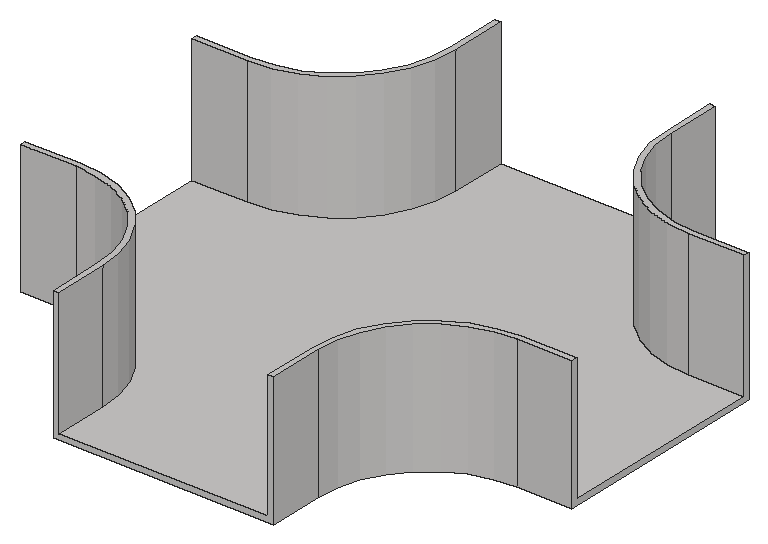
Revit family "S4R_OBO BETTERMANN_CableTray_DoubleTee_RK FS", category Cable Tray Fittings, Revit 2012
Parameters
  Wholesaler = ""
  Watermarked By = "www.stabiplan.com"
  WIDTH3 [instance] = 100 mm
  WIDTH1 [instance] = 100 mm
  VERSION = "91900"  # constant formula
  URL = "www.stabiplan.com"
  built-in parameter 1140111 [instance] = 2.6 mm
  TYPE [instance] = "RK FS"  # constant formula
  StabiCAD_PM = ""
  Smallest_L3_L4 [instance] = if(LENGTH3 - WIDTH1 / 2 > LENGTH4 - WIDTH1 / 2, LENGTH3 - WIDTH1 / 2, LENGTH4 - WIDTH1 / 2)  # 75 mm
  Smallest_L1_L2 [instance] = if(LENGTH1 - WIDTH3 / 2 > LENGTH2 - WIDTH3 / 2, LENGTH2 - WIDTH3 / 2, LENGTH1 - WIDTH3 / 2)  # 75 mm
  SmallestLength [instance] = if(Smallest_L1_L2 > Smallest_L3_L4, Smallest_L3_L4, Smallest_L1_L2)  # 75 mm
  RadiusWithThickness [instance] = Radius + [built-in parameter 1140111]  # 52.6 mm
  Radius Label [instance] = 490 mm
  Radius [instance] = if(WIDTH1 < 400 mm, 50 mm, 150 mm)  # 50 mm
  PRODUCTLINE [instance] = "OBO BETTERMANN CableTrays"  # constant formula
  Manufacturer = "OBO BETTERMANN"  # constant formula
  LENGTH4 [instance] = if(and(WIDTH1 = 100 mm, HEIGHT1 = 60 mm, WIDTH3 = 100 mm, ANGLE2 = 90.00°), 125 mm, if(and(WIDTH1 = 150 mm, HEIGHT1 = 60 mm, WIDTH3 = 150 mm, ANGLE2 = 90.00°), 150 mm, if(and(WIDTH1 = 200 mm, HEIGHT1 = 60 mm, WIDTH3 = 200 mm, ANGLE2 = 90.00°), 175 mm, if(and(WIDTH1 = 300 mm, HEIGHT1 = 60 mm, WIDTH3 = 300 mm, ANGLE2 = 90.00°), 225 mm, if(and(WIDTH1 = 400 mm, HEIGHT1 = 60 mm, WIDTH3 = 400 mm, ANGLE2 = 90.00°), 455 mm, if(and(WIDTH1 = 500 mm, HEIGHT1 = 60 mm, WIDTH3 = 500 mm, ANGLE2 = 90.00°), 505 mm, if(and(WIDTH1 = 600 mm, HEIGHT1 = 60 mm, WIDTH3 = 600 mm, ANGLE2 = 90.00°), 605 mm, WIDTH1 * 2)))))))  # 125 mm
  LENGTH3 [instance] = if(and(WIDTH1 = 100 mm, HEIGHT1 = 60 mm, WIDTH3 = 100 mm, ANGLE2 = 90.00°), 125 mm, if(and(WIDTH1 = 150 mm, HEIGHT1 = 60 mm, WIDTH3 = 150 mm, ANGLE2 = 90.00°), 150 mm, if(and(WIDTH1 = 200 mm, HEIGHT1 = 60 mm, WIDTH3 = 200 mm, ANGLE2 = 90.00°), 175 mm, if(and(WIDTH1 = 300 mm, HEIGHT1 = 60 mm, WIDTH3 = 300 mm, ANGLE2 = 90.00°), 225 mm, if(and(WIDTH1 = 400 mm, HEIGHT1 = 60 mm, WIDTH3 = 400 mm, ANGLE2 = 90.00°), 455 mm, if(and(WIDTH1 = 500 mm, HEIGHT1 = 60 mm, WIDTH3 = 500 mm, ANGLE2 = 90.00°), 505 mm, if(and(WIDTH1 = 600 mm, HEIGHT1 = 60 mm, WIDTH3 = 600 mm, ANGLE2 = 90.00°), 605 mm, WIDTH1 * 2)))))))  # 125 mm
  LENGTH2 [instance] = if(and(WIDTH1 = 100 mm, HEIGHT1 = 60 mm, WIDTH3 = 100 mm, ANGLE2 = 90.00°), 125 mm, if(and(WIDTH1 = 150 mm, HEIGHT1 = 60 mm, WIDTH3 = 150 mm, ANGLE2 = 90.00°), 150 mm, if(and(WIDTH1 = 200 mm, HEIGHT1 = 60 mm, WIDTH3 = 200 mm, ANGLE2 = 90.00°), 175 mm, if(and(WIDTH1 = 300 mm, HEIGHT1 = 60 mm, WIDTH3 = 300 mm, ANGLE2 = 90.00°), 225 mm, if(and(WIDTH1 = 400 mm, HEIGHT1 = 60 mm, WIDTH3 = 400 mm, ANGLE2 = 90.00°), 455 mm, if(and(WIDTH1 = 500 mm, HEIGHT1 = 60 mm, WIDTH3 = 500 mm, ANGLE2 = 90.00°), 505 mm, if(and(WIDTH1 = 600 mm, HEIGHT1 = 60 mm, WIDTH3 = 600 mm, ANGLE2 = 90.00°), 605 mm, WIDTH1 * 2)))))))  # 125 mm
  LENGTH1 [instance] = if(and(WIDTH1 = 100 mm, HEIGHT1 = 60 mm, WIDTH3 = 100 mm, ANGLE2 = 90.00°), 125 mm, if(and(WIDTH1 = 150 mm, HEIGHT1 = 60 mm, WIDTH3 = 150 mm, ANGLE2 = 90.00°), 150 mm, if(and(WIDTH1 = 200 mm, HEIGHT1 = 60 mm, WIDTH3 = 200 mm, ANGLE2 = 90.00°), 175 mm, if(and(WIDTH1 = 300 mm, HEIGHT1 = 60 mm, WIDTH3 = 300 mm, ANGLE2 = 90.00°), 225 mm, if(and(WIDTH1 = 400 mm, HEIGHT1 = 60 mm, WIDTH3 = 400 mm, ANGLE2 = 90.00°), 455 mm, if(and(WIDTH1 = 500 mm, HEIGHT1 = 60 mm, WIDTH3 = 500 mm, ANGLE2 = 90.00°), 505 mm, if(and(WIDTH1 = 600 mm, HEIGHT1 = 60 mm, WIDTH3 = 600 mm, ANGLE2 = 90.00°), 605 mm, WIDTH1 * 2)))))))  # 125 mm
  Internal art.no. = ""
  ISCUSTOM [instance] = if(and(WIDTH1 = 100 mm, HEIGHT1 = 60 mm, WIDTH3 = 100 mm, ANGLE2 = 90.00°), 1 = 0, if(and(WIDTH1 = 150 mm, HEIGHT1 = 60 mm, WIDTH3 = 150 mm, ANGLE2 = 90.00°), 1 = 0, if(and(WIDTH1 = 200 mm, HEIGHT1 = 60 mm, WIDTH3 = 200 mm, ANGLE2 = 90.00°), 1 = 0, if(and(WIDTH1 = 300 mm, HEIGHT1 = 60 mm, WIDTH3 = 300 mm, ANGLE2 = 90.00°), 1 = 0, if(and(WIDTH1 = 400 mm, HEIGHT1 = 60 mm, WIDTH3 = 400 mm, ANGLE2 = 90.00°), 1 = 0, if(and(WIDTH1 = 500 mm, HEIGHT1 = 60 mm, WIDTH3 = 500 mm, ANGLE2 = 90.00°), 1 = 0, if(and(WIDTH1 = 600 mm, HEIGHT1 = 60 mm, WIDTH3 = 600 mm, ANGLE2 = 90.00°), 1 = 0, 1 = 1)))))))  # no
  IFCExportType = ""
  IFCExportAs = ""
  HEIGHT1 [instance] = 60 mm
  GTINNUMBER [instance] = if(and(WIDTH1 = 100 mm, HEIGHT1 = 60 mm, WIDTH3 = 100 mm, ANGLE2 = 90.00°), "4012196051670", if(and(WIDTH1 = 150 mm, HEIGHT1 = 60 mm, WIDTH3 = 150 mm, ANGLE2 = 90.00°), "4012196051618", if(and(WIDTH1 = 200 mm, HEIGHT1 = 60 mm, WIDTH3 = 200 mm, ANGLE2 = 90.00°), "4012196051731", if(and(WIDTH1 = 300 mm, HEIGHT1 = 60 mm, WIDTH3 = 300 mm, ANGLE2 = 90.00°), "4012196051793", if(and(WIDTH1 = 400 mm, HEIGHT1 = 60 mm, WIDTH3 = 400 mm, ANGLE2 = 90.00°), "4012196215416", if(and(WIDTH1 = 500 mm, HEIGHT1 = 60 mm, WIDTH3 = 500 mm, ANGLE2 = 90.00°), "4012196215478", if(and(WIDTH1 = 600 mm, HEIGHT1 = 60 mm, WIDTH3 = 600 mm, ANGLE2 = 90.00°), "4012196215539", "Unknown")))))))  # "4012196051670"
  ETIM article class = ""
  Description = "Horizontal CableTray Double Tee"
  DEEPLINK = "http://catalog2.obo-bettermann.com/catalogue/catalogue.do?forward=showProductGroup&act=showIO&favOid=kts_6410&action=showManyProducts&lang=en&OID=kts_6410&catId="
  Copyright = "© Stabiplan BV / Stabiplan International BV"  # constant formula
  CT4 [instance] = 1
  CT3 [instance] = 1
  CT2 [instance] = 1
  CT1 [instance] = 1
  BodyColor = Steel
  Assembly Code = ""
  ARTICLENUMBER [instance] = if(and(WIDTH1 = 100 mm, HEIGHT1 = 60 mm, WIDTH3 = 100 mm, ANGLE2 = 90.00°), "6043615", if(and(WIDTH1 = 150 mm, HEIGHT1 = 60 mm, WIDTH3 = 150 mm, ANGLE2 = 90.00°), "6043607", if(and(WIDTH1 = 200 mm, HEIGHT1 = 60 mm, WIDTH3 = 200 mm, ANGLE2 = 90.00°), "6043623", if(and(WIDTH1 = 300 mm, HEIGHT1 = 60 mm, WIDTH3 = 300 mm, ANGLE2 = 90.00°), "6043631", if(and(WIDTH1 = 400 mm, HEIGHT1 = 60 mm, WIDTH3 = 400 mm, ANGLE2 = 90.00°), "7004397", if(and(WIDTH1 = 500 mm, HEIGHT1 = 60 mm, WIDTH3 = 500 mm, ANGLE2 = 90.00°), "7004419", if(and(WIDTH1 = 600 mm, HEIGHT1 = 60 mm, WIDTH3 = 600 mm, ANGLE2 = 90.00°), "7004435", "Unknown")))))))  # "6043615"
  ARTICLEDESCRIPTION [instance] = "Horizontal CableTray Double Tee"
  ANGLE2 [instance] = 90.00°  # constant formula
Reference planes
  plane 1 "Center (Front/Back)": y = 0
  plane 2: z = 0
  plane 3 "Center (Left/Right)": x = 0
  plane 4: y = 50
  plane 5: y = -50
  plane 6: z = 30
  plane 7: z = -30
  plane 8: y = -100
  plane 9: x = -50
  plane 10: x = 50
  plane 11: x = -100
  plane 12: x = 100
  plane 13: y = -47.4
  plane 14: y = 47.4
  plane 15: y = -125
  plane 16: x = -47.4
  plane 17: x = 47.4
  plane 18: x = -125
  plane 19: x = 125
  plane 20: z = -27.4
  plane 21: y = 100
  plane 22: y = 125
Forms (mm)
  Extrusion 1, solid, material "Steel" <- "BodyColor", detail levels fine
    sketch origin (0, 0, 0) x (1, 0, 0) y (0, 1, 0)
      loop
        arc (-100, -50) -> (-64.645, -64.645) -> (-50, -100) r 50
        line (-50, -100) -> (-50, -125) -> (-47.4, -125) -> (-47.4, -100)
        arc (-47.4, -100) -> (-62.806, -62.806) -> (-100, -47.4) r 52.6
        line (-100, -47.4) -> (-125, -47.4) -> (-125, -50) -> (-100, -50)
      loop
        line (100, -50) -> (125, -50) -> (125, -47.4) -> (100, -47.4)
        arc (100, -47.4) -> (62.806, -62.806) -> (47.4, -100) r 52.6
        line (47.4, -100) -> (47.4, -125) -> (50, -125) -> (50, -100)
        arc (50, -100) -> (64.645, -64.645) -> (100, -50) r 50
      loop
        arc (-50, 100) -> (-64.645, 64.645) -> (-100, 50) r 50
        line (-100, 50) -> (-125, 50) -> (-125, 47.4) -> (-100, 47.4)
        arc (-100, 47.4) -> (-62.806, 62.806) -> (-47.4, 100) r 52.6
        line (-47.4, 100) -> (-47.4, 125) -> (-50, 125) -> (-50, 100)
      loop
        line (47.4, 125) -> (47.4, 100)
        arc (47.4, 100) -> (62.806, 62.806) -> (100, 47.4) r 52.6
        line (100, 47.4) -> (125, 47.4) -> (125, 50) -> (100, 50)
        arc (100, 50) -> (64.645, 64.645) -> (50, 100) r 50
        line (50, 100) -> (50, 125) -> (47.4, 125)
    from -30 to 30
  Extrusion 2, solid, material "Steel" <- "BodyColor", detail levels fine
    sketch origin (0, 0, 0) x (1, 0, 0) y (0, 1, 0)
      loop
        arc (-100, -50) -> (-64.645, -64.645) -> (-50, -100) r 50
        line (-50, -100) -> (-50, -125) -> (50, -125) -> (50, -100)
        arc (50, -100) -> (64.645, -64.645) -> (100, -50) r 50
        line (100, -50) -> (125, -50) -> (125, 50) -> (100, 50)
        arc (100, 50) -> (64.645, 64.645) -> (50, 100) r 50
        line (50, 100) -> (50, 125) -> (-50, 125) -> (-50, 100)
        arc (-50, 100) -> (-64.645, 64.645) -> (-100, 50) r 50
        line (-100, 50) -> (-125, 50) -> (-125, -50) -> (-100, -50)
    from -30 to -27.4
  Extrusion 3, solid, material "Steel" <- "BodyColor", detail levels medium
    sketch origin (0, 0, 0) x (1, 0, 0) y (0, 1, 0)
      loop
        arc (-100, -50) -> (-64.645, -64.645) -> (-50, -100) r 50
        line (-50, -100) -> (-50, -125) -> (50, -125) -> (50, -100)
        arc (50, -100) -> (64.645, -64.645) -> (100, -50) r 50
        line (100, -50) -> (125, -50) -> (125, 50) -> (100, 50)
        arc (100, 50) -> (64.645, 64.645) -> (50, 100) r 50
        line (50, 100) -> (50, 125) -> (-50, 125) -> (-50, 100)
        arc (-50, 100) -> (-64.645, 64.645) -> (-100, 50) r 50
        line (-100, 50) -> (-125, 50) -> (-125, -50) -> (-100, -50)
    from -30 to 30
Cuts and joins
  joined: Extrusion 1, Extrusion 2
Lines and regions (mm)
  model lines, style "Coarse", detail levels coarse
    curve 1: line (-125, 0, 0) -> (125, 0, 0)
    curve 2: line (0, 0, 0) -> (0, -125, 0)
    curve 3: line (0, 125, 0) -> (0, 0, 0)
Dimensions and locks
  equal spacing: plane 4, plane 1 "Center (Front/Back)", plane 5
  "WIDTH1": plane 4 to plane 5
  equal spacing: plane 6, plane 2, plane 7
  "HEIGHT1": plane 6 to plane 7
  "Radius": plane 5 to plane 8
  equal spacing: plane 9, plane 3 "Center (Left/Right)", plane 10
  "WIDTH3": plane 9 to plane 10
  "Radius": plane 11 to plane 9
  "Radius": plane 10 to plane 12
  "built-in parameter 1140111": plane 13 to plane 5
  "built-in parameter 1140111": plane 4 to plane 14
  "built-in parameter 1140111": plane 9 to plane 16
  "built-in parameter 1140111": plane 17 to plane 10
  "built-in parameter 1140111": plane 20 to plane 7
  "Radius": plane 21 to plane 4
  "LENGTH1": plane 18 to plane 3 "Center (Left/Right)"
  "LENGTH2": plane 3 "Center (Left/Right)" to plane 19
  "LENGTH3": plane 1 "Center (Front/Back)" to plane 22
  "LENGTH4": plane 15 to plane 1 "Center (Front/Back)"
  "Radius": radius of Extrusion 1 sketch curve  (x4)
  "RadiusWithThickness": radius of Extrusion 1 sketch curve  (x4)
  "Radius": radius of Extrusion 2 sketch curve  (x4)
  "Radius": radius of Extrusion 3 sketch curve  (x4)
  aligned and locked: plane 8 to Extrusion 1 sketch curve  (x8)
  aligned and locked: plane 11 to Extrusion 1 sketch curve  (x6)
  aligned and locked: Extrusion 1 sketch curve to plane 13
  aligned and locked: plane 18 to Extrusion 1 sketch curve  (x2)
  aligned and locked: Extrusion 1 sketch curve to plane 5
  aligned and locked: Extrusion 1 sketch curve to plane 9  (x2)
  aligned and locked: plane 15 to Extrusion 1 sketch curve  (x2)
  aligned and locked: Extrusion 1 sketch curve to plane 16  (x2)
  aligned and locked: plane 16 to Extrusion 1 sketch curve
  aligned and locked: plane 9 to Extrusion 1 sketch curve
  aligned and locked: Extrusion 1 sketch curve to plane 15  (x2)
  aligned and locked: Extrusion 1 sketch curve to plane 18  (x2)
  aligned and locked: Extrusion 1 to plane 7
  aligned and locked: plane 6 to Extrusion 1
  aligned and locked: plane 12 to Extrusion 1 sketch curve  (x6)
  aligned and locked: plane 19 to Extrusion 1 sketch curve  (x3)
  aligned and locked: plane 5 to Extrusion 1 sketch curve
  aligned and locked: plane 13 to Extrusion 1 sketch curve
  aligned and locked: Extrusion 1 sketch curve to plane 19
  aligned and locked: Extrusion 1 sketch curve to plane 17
  aligned and locked: Extrusion 1 sketch curve to plane 10  (x2)
  aligned and locked: plane 10 to Extrusion 1 sketch curve
  aligned and locked: plane 17 to Extrusion 1 sketch curve  (x2)
  aligned and locked: plane 8 to Extrusion 2 sketch curve  (x4)
  aligned and locked: plane 11 to Extrusion 2 sketch curve  (x4)
  aligned and locked: plane 12 to Extrusion 2 sketch curve  (x4)
  aligned and locked: plane 18 to Extrusion 2 sketch curve  (x2)
  aligned and locked: Extrusion 2 sketch curve to plane 5
  aligned and locked: plane 4 to Extrusion 2 sketch curve
  aligned and locked: plane 5 to Extrusion 2 sketch curve
  aligned and locked: plane 19 to Extrusion 2 sketch curve  (x2)
  aligned and locked: plane 15 to Extrusion 2 sketch curve
  aligned and locked: plane 10 to Extrusion 2 sketch curve
  aligned and locked: plane 9 to Extrusion 2 sketch curve
  aligned and locked: Extrusion 2 sketch curve to plane 15
  aligned and locked: Extrusion 2 to plane 7
  aligned and locked: plane 20 to Extrusion 2
  aligned and locked: plane 8 to Extrusion 3 sketch curve  (x3)
  aligned and locked: plane 11 to Extrusion 3 sketch curve  (x4)
  aligned and locked: plane 18 to Extrusion 3 sketch curve  (x2)
  aligned and locked: Extrusion 3 sketch curve to plane 5  (x2)
  aligned and locked: plane 4 to Extrusion 3 sketch curve  (x2)
  aligned and locked: plane 5 to Extrusion 3 sketch curve
  aligned and locked: plane 12 to Extrusion 3 sketch curve  (x3)
  aligned and locked: plane 19 to Extrusion 3 sketch curve  (x2)
  aligned and locked: plane 15 to Extrusion 3 sketch curve
  aligned and locked: Extrusion 3 sketch curve to plane 10  (x2)
  aligned and locked: plane 10 to Extrusion 3 sketch curve
  aligned and locked: plane 9 to Extrusion 3 sketch curve
  aligned and locked: Extrusion 3 sketch curve to plane 15
  aligned and locked: Extrusion 3 to plane 7
  aligned and locked: plane 6 to Extrusion 3
  aligned and locked: plane 19 to curve 1
  aligned and locked: plane 1 "Center (Front/Back)" to curve 2
  aligned and locked: curve 2 to plane 3 "Center (Left/Right)"
  aligned and locked: plane 21 to Extrusion 1 sketch curve  (x6)
  aligned and locked: Extrusion 1 sketch curve to plane 14  (x2)
  aligned and locked: Extrusion 1 sketch curve to plane 4  (x2)
  aligned and locked: plane 22 to Extrusion 1 sketch curve  (x4)
  aligned and locked: plane 4 to Extrusion 1 sketch curve
  aligned and locked: plane 14 to Extrusion 1 sketch curve
  aligned and locked: plane 21 to Extrusion 3 sketch curve  (x3)
  aligned and locked: Extrusion 3 sketch curve to plane 4
  aligned and locked: plane 22 to Extrusion 3 sketch curve  (x2)
  aligned and locked: Extrusion 3 sketch curve to plane 9
  aligned and locked: plane 21 to Extrusion 2 sketch curve  (x3)
  aligned and locked: plane 22 to Extrusion 2 sketch curve  (x2)
  aligned and locked: Extrusion 2 sketch curve to plane 9
  aligned and locked: Extrusion 2 sketch curve to plane 10
  aligned and locked: Extrusion 2 sketch curve to plane 4
  aligned and locked: curve 3 to plane 3 "Center (Left/Right)"
Automatic sketch dimensions
  curve 1 to plane 18 = 0 mm
  curve 2 to plane 15 = 0 mm
  plane 22 to curve 3 = 0 mm
Connectors
  cabletrayconduit at (-125, 0, 0), driven by "HEIGHT1", driven by "WIDTH1"
    settings: on Extrusion 3, index 1, connector width 100 mm, connector height 60 mm, connector radius 304.8 mm, connector angle 0.00°, system type 32, placement type 0, profile type 1, connector reference index 2, is primary connector yes, connector utility param no, connector description ""
  cabletrayconduit at (125, 0, 0), driven by "HEIGHT1", driven by "WIDTH1"
    settings: on Extrusion 3, index 2, connector width 100 mm, connector height 60 mm, connector radius 304.8 mm, connector angle 0.00°, system type 32, placement type 0, profile type 1, connector reference index 1, is primary connector no, connector utility param no, connector description ""
  cabletrayconduit at (0, -125, 0), driven by "HEIGHT1", driven by "WIDTH3"
    settings: on Extrusion 3, index 3, connector width 100 mm, connector height 60 mm, connector radius 304.8 mm, connector angle 0.00°, system type 32, placement type 0, profile type 1, connector reference index 4, is primary connector no, connector utility param no, connector description ""
  cabletrayconduit at (0, 125, 0), driven by "HEIGHT1", driven by "WIDTH3"
    settings: on Extrusion 3, index 4, connector width 100 mm, connector height 60 mm, connector radius 304.8 mm, connector angle 0.00°, system type 32, placement type 0, profile type 1, connector reference index 3, is primary connector no, connector utility param no, connector description ""
